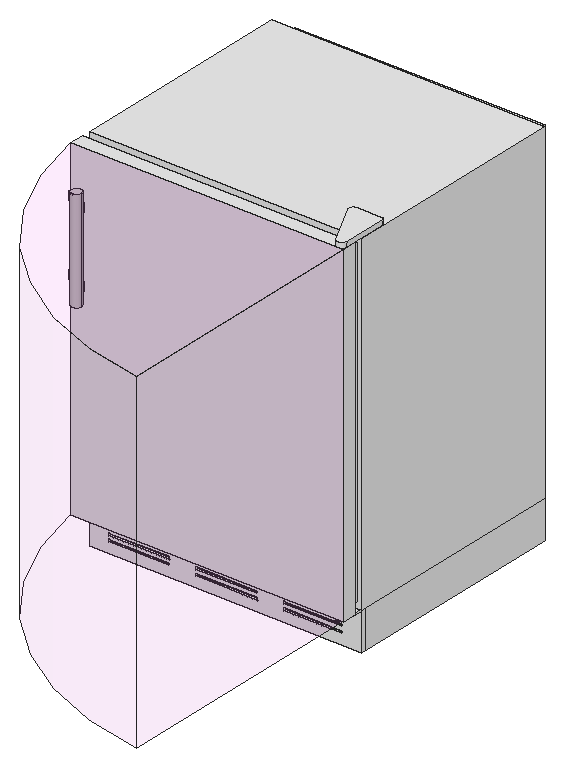
Revit family "QF_Summit_FF61W_Refrigerator", category Specialty Equipment, Revit 2020
Family settings
  Round Connector Dimension = Use Diameter
  Part Type = Normal
  Work Plane-Based = No
  Always vertical = Yes
  Cut with Voids When Loaded = No
  Shared = No
  Room Calculation Point = No
Parameters
  Weight in Pounds = 100
  Watts = Volts * FL Amps  # 92 W
  Volts = 115 V
  URL Cutsheet = ""
  Specification by User = ""
  Specification by Manufacturer = ""
  Show LHD [instance] = no
  Right Hinged Door [instance] = not(Show LHD)  # yes
  Serial Number = ""
  Seismic Rating = ""
  SMACNA No = ""
  Revision Code = ""
  Refrigerant Volume = 0.00 kip
  Refrigerant Type = "R600a"
  Phase = 1
  Number of Poles = 1
  NAFEM Spec ID Number = ""
  Model = "FF61W"
  Min Ckt Ampacity = 0 A
  Max Overcurrent Protection = 0 A
  Masterspec = ""
  Manufacturer = "Summit"
  Length = 23 5/8"
  Item Number = ""
  Installed By = ""
  Identify Quantity as Lot = yes
  Height = 32 5/8"
  HP = ""
  Furnished By = ""
  Foodservice Equipment Identifier = yes
  FL Amps = 0.8 A
  Electrical Remarks = ""
  Electric Connection Type = ""
  Elec Conn RI Height = 0"
  Elec Conn Connection Height = 0"
  Description = "Refrigerator"
  Depth = 23"
  Default Elevation = 0"
  Cycle = 60 Hz
  Conn Plug = ""
  Conn Conduit = yes
  CSI MasterFormat = ""
  BTUH = 0.0 Btu/h
  Apparent Power = if(Phase = 3, Volts * FL Amps * 1.73, Volts * FL Amps)  # 92 VA
Reference planes (in)
  plane 1 "BACK": y = 0
  plane 2: z = 0
  plane 3 "LEFT": x = 0
  plane 4 "RIGHT": x = 23.625
  plane 5 "FRONT": y = -23
  plane 6 "TOP": z = 32.625
  plane 7 "Center Y": x = 11.8125
  plane 8 "Center X": y = -11.5
  plane 9: z = 32.25
  plane 10: y = -24.625
  plane 11: y = -45.375
  plane 12: y = -1.25
  plane 13: y = -21
  plane 14: z = 0.125
  plane 15: z = 3.375
  plane 16: x = 17.625
  plane 17: y = -21.75
Forms (in)
  Extrusion 1, solid, material "QF_Metallic_Paint_White_Smooth"
    sketch origin (-4.07558, -180.6239, 0.25) x (-1, 0, 0) y (0, -1, 0)
      loop
        line (-4.07558, -179.3739) -> (-4.07558, -159.6239) -> (-27.70058, -159.6239) -> (-27.70058, -179.3739) -> (-4.07558, -179.3739)
    from 3.125 to 32
  Extrusion 2, solid, material "QF_Metallic_Paint_White_Smooth"
    sketch origin (-5.77638, -180.6239, 3.5) x (-1, 0, 0) y (0, -1, 0)
      loop
        line (-5.77638, -157.625) -> (-29.40138, -157.625) -> (-29.40138, -158.8739) -> (-5.77638, -158.8739) -> (-5.77638, -157.625)
    from -0.125 to 28.75
  Extrusion 3, solid, material "QF_Metallic_Paint_White_Smooth"
    sketch origin (23.5, -21.75, 3.5) x (-1, 0, 0) y (0, 0, 1)
      loop
        line (0.375, 0.375) -> (23, 0.375) -> (23, 28.25) -> (0.375, 28.25) -> (0.375, 0.375)
    from 0 to 0.75
  Extrusion 4, solid, material "QF_Metallic_Paint_White_Smooth", visible <- "Right Hinged Door"
    sketch origin (-7.15596, -180, 32.25) x (-1, 0, 0) y (0, -1, 0)
      loop
        arc (-30.65577, -161.3653) -> (-30.58255, -161.54208) -> (-30.40577, -161.6153) r 0.25
        line (-30.40577, -161.6153) -> (-28.29447, -161.6153)
        arc (-28.29447, -161.6153) -> (-27.93834, -161.41175) -> (-27.93297, -161.00158) r 0.41333
        line (-27.93297, -161.00158) -> (-29.8497, -157.29481)
        arc (-29.8497, -157.29481) -> (-30.33344, -157.08698) -> (-30.65577, -157.50327) r 0.42999
        line (-30.65577, -157.50327) -> (-30.65577, -161.3653)
    from 0 to 0.375
  Extrusion 5, solid, material "QF_Metal_Stainless_Polished", visible <- "Right Hinged Door"
    sketch origin (-1.6459, -180.6239, 28.57044) x (-1, 0, 0) y (0, -1, 0)
      loop
        line (-1.6459, -158.625) -> (-1.5209, -158.625) -> (-1.5209, -157.55854) -> (-2.72981, -156.74311) -> (-3.38781, -156.74311) -> (-3.38781, -156.86811) -> (-2.76803, -156.86811) -> (-1.6459, -157.625) -> (-1.6459, -158.625)
    from 0 to -0.75
  Extrusion 6, solid, material "QF_Metal_Stainless_Polished", visible <- "Right Hinged Door"
    sketch origin (-4.89398, -180.6239, 20.75) x (-1, 0, 0) y (0, -1, 0)
      loop
        circle (-6.30689, -156.43406) r 0.43516
    from 0 to 8.75
  Extrusion 7, solid, material "QF_Metal_Stainless_Polished", visible <- "Right Hinged Door"
    sketch origin (-1.6459, -180.6239, 21.67956) x (0, 1, 0) y (1, 0, 0)
      loop
        line (158.625, 1.6459) -> (157.625, 1.6459) -> (156.86811, 2.76803) -> (156.86811, 3.38781) -> (156.74311, 3.38781) -> (156.74311, 2.72981) -> (157.55854, 1.5209) -> (158.625, 1.5209) -> (158.625, 1.6459)
    from 0 to -0.75
  Extrusion 8, solid, material "QF_Metallic_Paint_White_Smooth", visible <- "Right Hinged Door"
    sketch origin (-5.77638, -180.6239, 3.375) x (0, 1, 0) y (1, 0, 0)
      loop
        line (157.91871, 28.47012) -> (159.6239, 27.58839) -> (159.6239, 29.27619) -> (158.12717, 29.27619)
        arc (158.12717, 29.27619) -> (157.71088, 28.95386) -> (157.91871, 28.47012) r 0.42999
    from 0 to 0.125
  Extrusion 9, solid, material "QF_Metallic_Paint_White_Smooth"
    sketch origin (-12.48311, -21, 48) x (-1, 0, 0) y (0, 0, 1)
      loop
        line (-12.48311, -44.625) -> (-36.10811, -44.625) -> (-36.10811, -47.875) -> (-12.48311, -47.875) -> (-12.48311, -44.625)
      loop
        line (-14.18872, -45.26011) -> (-19.43872, -45.26011) -> (-19.43872, -45.51011) -> (-14.18872, -45.51011) -> (-14.18872, -45.26011)
      loop
        line (-14.18872, -45.76011) -> (-19.43872, -45.76011) -> (-19.43872, -46.01011) -> (-14.18872, -46.01011) -> (-14.18872, -45.76011)
      loop
        line (-14.18872, -46.26011) -> (-19.43872, -46.26011) -> (-19.43872, -46.51011) -> (-14.18872, -46.51011) -> (-14.18872, -46.26011)
      loop
        line (-14.18872, -46.76011) -> (-19.43872, -46.76011) -> (-19.43872, -47.01011) -> (-14.18872, -47.01011) -> (-14.18872, -46.76011)
      loop
        line (-21.67061, -45.26011) -> (-27.08391, -45.26011) -> (-27.08391, -45.51011) -> (-21.67061, -45.51011) -> (-21.67061, -45.26011)
      loop
        line (-21.67061, -45.76011) -> (-27.08391, -45.76011) -> (-27.08391, -46.01011) -> (-21.67061, -46.01011) -> (-21.67061, -45.76011)
      loop
        line (-21.67061, -46.26011) -> (-27.08391, -46.26011) -> (-27.08391, -46.51011) -> (-21.67061, -46.51011) -> (-21.67061, -46.26011)
      loop
        line (-21.67061, -46.76011) -> (-27.08391, -46.76011) -> (-27.08391, -47.01011) -> (-21.67061, -47.01011) -> (-21.67061, -46.76011)
      loop
        line (-34.40249, -45.26011) -> (-34.40249, -45.51011) -> (-29.3158, -45.51011) -> (-29.3158, -45.26011) -> (-34.40249, -45.26011)
      loop
        line (-34.40249, -45.76011) -> (-34.40249, -46.01011) -> (-29.3158, -46.01011) -> (-29.3158, -45.76011) -> (-34.40249, -45.76011)
      loop
        line (-34.40249, -46.26011) -> (-34.40249, -46.51011) -> (-29.3158, -46.51011) -> (-29.3158, -46.26011) -> (-34.40249, -46.26011)
      loop
        line (-34.40249, -46.76011) -> (-34.40249, -47.01011) -> (-29.3158, -47.01011) -> (-29.3158, -46.76011) -> (-34.40249, -46.76011)
    from 0 to 0.25
  Extrusion 10, solid, material "QF_Metallic_Paint_White_Smooth"
    sketch origin (-12.48311, -1.6239, 48) x (-1, 0, 0) y (0, 0, 1)
      loop
        line (-12.48311, -44.625) -> (-36.10811, -44.625) -> (-36.10811, -47.875) -> (-12.48311, -47.875) -> (-12.48311, -44.625)
    from -19.1261 to 0.3739
  Extrusion 11, solid, material "QF_Metallic_Paint_Black_Smooth"
    sketch origin (0, -0.6239, 0) x (1, 0, 0) y (0, 1, 0)
      loop
        circle (3.1104, -18.5) r 0.5
      loop
        circle (3.1104, -2.75) r 0.5
      loop
        circle (20.67791, -18.5) r 0.5
      loop
        circle (20.67791, -2.75) r 0.5
    from 0 to 0.125
  Extrusion 12, solid, material "QF_Metal_Stainless_Polished"
    sketch origin (0.16331, -1.25, 0.25) x (1, 0, 0) y (0, 0, -1)
      loop
        circle (17.46169, -0.84684) r 0.25
    from 0 to 0.25
  Extrusion 13, solid, material "QF_Metallic_Paint_White_Smooth"
    sketch origin (0, -1.3739, 17.75) x (0, -1, 0) y (1, 0, 0)
      loop
        line (-1.3739, 1) -> (-0.1239, 1) -> (-0.1239, 22.625) -> (-1.3739, 22.625) -> (-1.3739, 1)
    from -13.875 to 13.75
  Extrusion 14, solid, material "QF_Clearances_Door_Drawer", visible <- "Right Hinged Door"
    sketch origin (-5.77638, -180.6239, 3.375) x (0, -1, 0) y (-1, 0, 0)
      loop
        line (-157.625, -29.40138) -> (-135.2489, -29.40138)
        arc (-135.2489, -29.40138) -> (-142.44195, -13.80507) -> (-157.625, -5.77638) r 26.80476
        line (-157.625, -5.77638) -> (-157.625, -29.40138)
    from 0 to -28.875
  Extrusion 15, solid, material "QF_Metallic_Paint_White_Smooth", visible <- "Show LHD"
    sketch origin (30.78096, -180, 32.25) x (1, 0, 0) y (0, 1, 0)
      loop
        line (-30.65577, 161.3653) -> (-30.65577, 157.50327)
        arc (-30.65577, 157.50327) -> (-30.33344, 157.08698) -> (-29.8497, 157.29481) r 0.42999
        line (-29.8497, 157.29481) -> (-27.93297, 161.00158)
        arc (-27.93297, 161.00158) -> (-27.93834, 161.41175) -> (-28.29447, 161.6153) r 0.41333
        line (-28.29447, 161.6153) -> (-30.40577, 161.6153)
        arc (-30.40577, 161.6153) -> (-30.58255, 161.54208) -> (-30.65577, 161.3653) r 0.25
    from 0 to 0.375
  Extrusion 16, solid, material "QF_Metal_Stainless_Polished", visible <- "Show LHD"
    sketch origin (25.2709, -180.6239, 28.57044) x (1, 0, 0) y (0, 1, 0)
      loop
        line (-1.6459, 158.625) -> (-1.6459, 157.625) -> (-2.76803, 156.86811) -> (-3.38781, 156.86811) -> (-3.38781, 156.74311) -> (-2.72981, 156.74311) -> (-1.5209, 157.55854) -> (-1.5209, 158.625) -> (-1.6459, 158.625)
    from 0 to -0.75
  Extrusion 17, solid, material "QF_Metal_Stainless_Polished", visible <- "Show LHD"
    sketch origin (28.51898, -180.6239, 20.75) x (1, 0, 0) y (0, 1, 0)
      loop
        circle (-6.30689, 156.43406) r 0.43516
    from 0 to 8.75
  Extrusion 18, solid, material "QF_Metal_Stainless_Polished", visible <- "Show LHD"
    sketch origin (25.2709, -180.6239, 21.67956) x (0, -1, 0) y (-1, 0, 0)
      loop
        line (-158.625, 1.6459) -> (-158.625, 1.5209) -> (-157.55854, 1.5209) -> (-156.74311, 2.72981) -> (-156.74311, 3.38781) -> (-156.86811, 3.38781) -> (-156.86811, 2.76803) -> (-157.625, 1.6459) -> (-158.625, 1.6459)
    from 0 to -0.75
  Extrusion 19, solid, material "QF_Metallic_Paint_White_Smooth", visible <- "Show LHD"
    sketch origin (29.40138, -180.6239, 3.375) x (0, -1, 0) y (-1, 0, 0)
      loop
        arc (-157.91871, 28.47012) -> (-157.71088, 28.95386) -> (-158.12717, 29.27619) r 0.42999
        line (-158.12717, 29.27619) -> (-159.6239, 29.27619) -> (-159.6239, 27.58839) -> (-157.91871, 28.47012)
    from 0 to 0.125
  Extrusion 20, solid, material "QF_Clearances_Door_Drawer", visible <- "Show LHD"
    sketch origin (29.40138, -180.6239, 3.375) x (0, 1, 0) y (1, 0, 0)
      loop
        line (157.625, -29.40138) -> (157.625, -5.77638)
        arc (157.625, -5.77638) -> (142.44195, -13.80507) -> (135.2489, -29.40138) r 26.80476
        line (135.2489, -29.40138) -> (157.625, -29.40138)
    from 0 to -28.875
Lines and regions (in)
  symbolic lines
    curve 1: line (0, -1.25, 0) -> (23.625, -1.25, 0)
    curve 2: line (0, -21, 0) -> (0, -1.25, 0)
    curve 3: line (23.625, -21, 0) -> (23.49982, -21, 0)
    curve 4: line (23.625, -1.25, 0) -> (23.625, -21, 0)
    curve 5: line (21.81201, -21, 0) -> (1.81299, -21, 0)
    curve 6: line (23.625, -22.9989, 0) -> (0, -22.9989, 0)
    curve 7: line (0, -21.75, 0) -> (0, -22.9989, 0)
    curve 8: line (23.625, -21.75, 0) -> (23.49982, -21.75, 0)
    curve 9: line (23.625, -22.9989, 0) -> (23.625, -21.75, 0)
    curve 10: line (22.19982, -21.75, 0) -> (1.42518, -21.75, 0)
    curve 22: line (1, -1.25, 0) -> (1, 0, 0)
    curve 23: line (22.625, 0, 0) -> (22.625, -1.25, 0)
    curve 32: line (22.625, 0, 0) -> (1, 0, 0)
    curve 54: line (0.12518, -21, 0) -> (0, -21, 0)
    curve 56: line (0.12518, -21.75, 0) -> (0, -21.75, 0)
  symbolic lines, visible <- "Right Hinged Door"
    curve 11: line (-0.125, -21.9989, 0) -> (-0.125, -23.06536, 0)
    curve 12: line (-0.125, -23.06536, 0) -> (1.08391, -23.88078, 0)
    curve 13: arc (0.97776, -24.18984, 0) -> (1.41291, -24.625, 0) -> (1.84807, -24.18984, 0) r 0.43516
    curve 14: line (1.74192, -23.75578, 0) -> (1.12213, -23.75578, 0)
    curve 15: line (1.12213, -23.75578, 0) -> (0, -22.9989, 0)
    curve 16: line (1.74192, -23.88078, 0) -> (1.74192, -23.75578, 0)
    curve 17: arc (1.84807, -24.18984, 0) -> (1.73137, -23.89328, 0) -> (1.44385, -23.75578, 0) r 0.43516
    curve 18: line (1.08391, -23.88078, 0) -> (1.10657, -23.88078, 0)
    curve 19: line (1.71926, -23.88078, 0) -> (1.74192, -23.88078, 0)
    curve 20: arc (1.38198, -23.75578, 0) -> (1.09446, -23.89328, 0) -> (0.97776, -24.18984, 0) r 0.43516
    curve 21: line (0.5, -21.75, 0) -> (0.5, -21, 0)
    curve 25: line (-0.125, -21.9989, 0) -> (0, -21.9989, 0)
    curve 26: line (23.24982, -18.3847, 0) -> (21.13852, -18.3847, 0)
    curve 27: arc (21.13852, -18.3847, 0) -> (20.78238, -18.58825, 0) -> (20.77701, -18.99842, 0) r 0.41333
    curve 28: line (20.77701, -18.99842, 0) -> (22.69374, -22.70519, 0)
    curve 29: arc (22.69374, -22.70519, 0) -> (23.17748, -22.91302, 0) -> (23.49982, -22.49673, 0) r 0.42999
    curve 30: line (23.49982, -22.49673, 0) -> (23.49982, -18.6347, 0)
    curve 31: arc (23.49982, -18.6347, 0) -> (23.42659, -18.45792, 0) -> (23.24982, -18.3847, 0) r 0.25
    curve 53: line (1.81299, -21, 0) -> (0.12518, -21, 0)
    curve 55: line (1.42518, -21.75, 0) -> (0.12518, -21.75, 0)
  symbolic lines, style "QF_Clearances_Door_Drawer", visible <- "Right Hinged Door"
    curve 24: line (23.625, -22.9989, 0) -> (4.47566, -34.05477, 0)
    curve 33: arc (4.47566, -34.05477, 0) -> (1.61508, -28.77894, 0) -> (0, -22.9989, 0) r 26.80476
  symbolic lines, style "QF_Clearances_Door_Drawer", visible <- "Show LHD"
    curve 34: line (0, -22.9989, 0) -> (19.14934, -34.05477, 0)
    curve 35: arc (19.14934, -34.05477, 0) -> (22.00992, -28.77894, 0) -> (23.625, -22.9989, 0) r 26.80476
  symbolic lines, visible <- "Show LHD"
    curve 36: line (23.75, -21.9989, 0) -> (23.75, -23.06536, 0)
    curve 37: line (23.75, -23.06536, 0) -> (22.54109, -23.88078, 0)
    curve 38: arc (22.64724, -24.18984, 0) -> (22.21209, -24.625, 0) -> (21.77693, -24.18984, 0) r 0.43516
    curve 39: line (21.88308, -23.75578, 0) -> (22.50287, -23.75578, 0)
    curve 40: line (22.50287, -23.75578, 0) -> (23.625, -22.9989, 0)
    curve 41: line (21.88308, -23.88078, 0) -> (21.88308, -23.75578, 0)
    curve 42: arc (21.77693, -24.18984, 0) -> (21.89363, -23.89328, 0) -> (22.18115, -23.75578, 0) r 0.43516
    curve 43: arc (22.24302, -23.75578, 0) -> (22.53054, -23.89328, 0) -> (22.64724, -24.18984, 0) r 0.43516
    curve 44: line (23.75, -21.9989, 0) -> (23.625, -21.9989, 0)
    curve 45: line (0.37518, -18.3847, 0) -> (2.48648, -18.3847, 0)
    curve 46: arc (2.48648, -18.3847, 0) -> (2.84262, -18.58825, 0) -> (2.84799, -18.99842, 0) r 0.41333
    curve 47: line (2.84799, -18.99842, 0) -> (0.93126, -22.70519, 0)
    curve 48: arc (0.93126, -22.70519, 0) -> (0.44752, -22.91302, 0) -> (0.12518, -22.49673, 0) r 0.42999
    curve 49: line (0.12518, -22.49673, 0) -> (0.12518, -18.6347, 0)
    curve 50: arc (0.12518, -18.6347, 0) -> (0.19841, -18.45792, 0) -> (0.37518, -18.3847, 0) r 0.25
    curve 51: line (22.54109, -23.88078, 0) -> (22.51843, -23.88078, 0)
    curve 57: line (23.125, -21.75, 0) -> (23.125, -21, 0)
    curve 58: line (21.81201, -21, 0) -> (23.49982, -21, 0)
    curve 59: line (22.19982, -21.75, 0) -> (23.49982, -21.75, 0)
  symbolic lines, not visible
    curve 52: line (21.90574, -23.88078, 0) -> (21.88308, -23.88078, 0)
Dimensions and locks (in)
  equal spacing: plane 3 "LEFT", plane 7 "Center Y", plane 4 "RIGHT"
  "Length": plane 3 "LEFT" to plane 4 "RIGHT"
  equal spacing: plane 5 "FRONT", plane 8 "Center X", plane 1 "BACK"
  "Depth": plane 5 "FRONT" to plane 1 "BACK"
  "Height": plane 6 "TOP" to level
  plane 4 "RIGHT" to plane 3 "LEFT" = 23 5/8"
  locked: plane 6 "TOP" to plane 9 at 0.375
  locked: plane 10 to plane 5 "FRONT" at 1.625
  plane 1 "BACK" to plane 12 = 1 1/4"
  plane 12 to plane 13 = 19 3/4"
  plane 14 to plane 2 = 1/8"
  plane 9 to plane 14 = 32 1/8"
  locked: plane 15 to plane 14 at 3.25
  plane 9 to plane 2 = 32 1/4"
  plane 11 to plane 1 "BACK" = 45 3/8"
  plane 16 to plane 4 "RIGHT" = 6"
  aligned and locked: level to plane 2
Automatic sketch dimensions
  Extrusion 1 sketch curve to plane 4 "RIGHT" = 0"
  Extrusion 1 sketch curve to plane 3 "LEFT" = 0"
  Extrusion 1 sketch curve to plane 12 = 0"
  Extrusion 1 sketch curve to plane 13 = 0"
  Extrusion 2 sketch curve to plane 4 "RIGHT" = 0"
  Extrusion 2 sketch curve to plane 3 "LEFT" = 0"
  Extrusion 2 sketch curve to plane 17 = 0"
  Extrusion 2 sketch curve to plane 5 "FRONT" = 0.0011"
  Extrusion 2 to Extrusion 3 sketch curve = 1/2"  (x3)
  Extrusion 3 sketch curve to Extrusion 2 = 1/2"
  plane 4 "RIGHT" to Extrusion 4 sketch curve = 0.12518"
  Extrusion 4 sketch curve to Extrusion 4 sketch curve = 1/4"
  Extrusion 4 sketch curve to Extrusion 4 sketch curve = 0.42999"
  Extrusion 4 sketch curve to plane 5 "FRONT" = 0.29481"
  Extrusion 4 sketch curve to Extrusion 4 sketch curve = 0.37608"
  Extrusion 4 sketch curve to Extrusion 4 sketch curve = 2.1113"
  plane 13 to Extrusion 4 sketch curve = 2.00158"
  Extrusion 4 sketch curve to Extrusion 4 sketch curve = 0.36151"
  Extrusion 4 sketch curve to Extrusion 4 sketch curve = 0.20039"
  Extrusion 5 sketch curve to plane 3 "LEFT" = 0"
  plane 3 "LEFT" to Extrusion 5 sketch curve = 1.08391"
  Extrusion 5 sketch curve to Extrusion 5 sketch curve = 0.03822"
  Extrusion 5 sketch curve to Extrusion 5 sketch curve = 0.61979"
  Extrusion 5 sketch curve to plane 3 "LEFT" = 1/8"
  Extrusion 5 sketch curve to plane 17 = 0.2489"
  Extrusion 5 sketch curve to plane 5 "FRONT" = 0.0011"
  plane 5 "FRONT" to Extrusion 5 sketch curve = 0.06536"
  plane 5 "FRONT" to Extrusion 5 sketch curve = 0.75578"
  Extrusion 5 sketch curve to Extrusion 5 sketch curve = 1/8"
  plane 10 to Extrusion 6 sketch curve = 0.43516"
  plane 3 "LEFT" to Extrusion 6 sketch curve = 1.41291"
  Extrusion 7 sketch curve to plane 3 "LEFT" = 0"
  plane 10 to Extrusion 7 sketch curve = 0.74422"
  Extrusion 7 sketch curve to Extrusion 7 sketch curve = 1/8"
  plane 5 "FRONT" to Extrusion 7 sketch curve = 0.06536"
  Extrusion 7 sketch curve to plane 5 "FRONT" = 0.0011"
  Extrusion 7 sketch curve to plane 17 = 0.2489"
  plane 3 "LEFT" to Extrusion 7 sketch curve = 1.08391"
  Extrusion 7 sketch curve to Extrusion 7 sketch curve = 0.03822"
  Extrusion 7 sketch curve to Extrusion 7 sketch curve = 0.61979"
  Extrusion 7 sketch curve to plane 3 "LEFT" = 1/8"
  Extrusion 8 sketch curve to plane 13 = 0"
  Extrusion 8 sketch curve to plane 5 "FRONT" = 0.50327"
  Extrusion 8 sketch curve to plane 5 "FRONT" = 0.29481"
  plane 4 "RIGHT" to Extrusion 8 sketch curve = 0.12518"
  Extrusion 8 sketch curve to Extrusion 8 sketch curve = 0.42999"
  Extrusion 8 sketch curve to Extrusion 8 sketch curve = 1.68781"
  plane 4 "RIGHT" to Extrusion 9 sketch curve = 0"
  Extrusion 9 sketch curve to plane 3 "LEFT" = 0"
  Extrusion 9 sketch curve to plane 14 = 0"
  Extrusion 9 sketch curve to plane 15 = 0"
  plane 4 "RIGHT" to Extrusion 9 sketch curve = 1.70562"
  Extrusion 9 sketch curve to Extrusion 9 sketch curve = 0"  (x18)
  plane 16 to Extrusion 9 sketch curve = 0.79231"
  plane 14 to Extrusion 9 sketch curve = 0.86489"  (x2)
  Extrusion 9 sketch curve to Extrusion 9 sketch curve = 2.23188"  (x2)
  Extrusion 9 sketch curve to plane 15 = 1.13511"
  Extrusion 9 sketch curve to plane 7 "Center Y" = 2 5/8"
  plane 14 to Extrusion 9 sketch curve = 1.11489"
  plane 3 "LEFT" to Extrusion 9 sketch curve = 1.70562"
  Extrusion 9 sketch curve to Extrusion 9 sketch curve = 1/4"  (x20)
  plane 4 "RIGHT" to Extrusion 10 sketch curve = 0"
  Extrusion 10 sketch curve to plane 3 "LEFT" = 0"
  Extrusion 10 sketch curve to plane 14 = 0"
  Extrusion 10 sketch curve to plane 15 = 0"
  plane 3 "LEFT" to Extrusion 11 sketch curve = 3.1104"  (x2)
  plane 4 "RIGHT" to Extrusion 11 sketch curve = 2.94709"  (x2)
  plane 13 to Extrusion 11 sketch curve = 1.8761"  (x2)
  Extrusion 11 sketch curve to plane 12 = 2.1239"  (x2)
  Extrusion 12 sketch curve to Extrusion 1 = 2.27816"
  Extrusion 12 sketch curve to Extrusion 1 = 6"
  plane 1 "BACK" to Extrusion 13 sketch curve = 0"
  Extrusion 13 sketch curve to plane 12 = 0"
  plane 3 "LEFT" to Extrusion 13 sketch curve = 1"
  plane 4 "RIGHT" to Extrusion 13 sketch curve = 1"
  Extrusion 14 sketch curve to Extrusion 2 = 0"  (x3)
  Extrusion 14 sketch curve to Extrusion 2 = 3.02929"
  Extrusion 14 sketch curve to Extrusion 14 sketch curve = 22.3761"
  plane 3 "LEFT" to Extrusion 15 sketch curve = 0.12518"
  Extrusion 15 sketch curve to Extrusion 15 sketch curve = 1/4"
  Extrusion 15 sketch curve to Extrusion 15 sketch curve = 0.42999"
  Extrusion 15 sketch curve to plane 5 "FRONT" = 0.29481"
  Extrusion 15 sketch curve to Extrusion 15 sketch curve = 0.37608"
  Extrusion 15 sketch curve to Extrusion 15 sketch curve = 2.1113"
  plane 13 to Extrusion 15 sketch curve = 2.00158"
  Extrusion 15 sketch curve to Extrusion 15 sketch curve = 0.36151"
  Extrusion 15 sketch curve to Extrusion 15 sketch curve = 0.20039"
  Extrusion 16 sketch curve to plane 4 "RIGHT" = 0"
  plane 4 "RIGHT" to Extrusion 16 sketch curve = 1.08391"
  Extrusion 16 sketch curve to Extrusion 16 sketch curve = 0.03822"
  Extrusion 16 sketch curve to Extrusion 16 sketch curve = 0.61979"
  Extrusion 16 sketch curve to plane 4 "RIGHT" = 1/8"
  plane 10 to Extrusion 16 sketch curve = 0.74422"
  Extrusion 16 sketch curve to Extrusion 16 sketch curve = 1/8"
  plane 5 "FRONT" to Extrusion 16 sketch curve = 0.06536"
  Extrusion 16 sketch curve to plane 5 "FRONT" = 0.0011"
  Extrusion 16 sketch curve to plane 17 = 0.2489"
  plane 10 to Extrusion 17 sketch curve = 0.43516"
  plane 4 "RIGHT" to Extrusion 17 sketch curve = 1.41291"
  Extrusion 18 sketch curve to plane 4 "RIGHT" = 0"
  Extrusion 18 sketch curve to plane 17 = 0.2489"
  Extrusion 18 sketch curve to plane 5 "FRONT" = 0.0011"
  plane 5 "FRONT" to Extrusion 18 sketch curve = 0.06536"
  plane 5 "FRONT" to Extrusion 18 sketch curve = 0.75578"
  Extrusion 18 sketch curve to Extrusion 18 sketch curve = 1/8"
  plane 4 "RIGHT" to Extrusion 18 sketch curve = 1.08391"
  Extrusion 18 sketch curve to Extrusion 18 sketch curve = 0.03822"
  Extrusion 18 sketch curve to Extrusion 18 sketch curve = 0.61979"
  Extrusion 18 sketch curve to plane 4 "RIGHT" = 1/8"
  Extrusion 19 sketch curve to plane 13 = 0"
  plane 3 "LEFT" to Extrusion 19 sketch curve = 0.12518"
  Extrusion 19 sketch curve to plane 5 "FRONT" = 0.50327"
  Extrusion 19 sketch curve to plane 5 "FRONT" = 0.29481"
  Extrusion 19 sketch curve to Extrusion 19 sketch curve = 0.42999"
  Extrusion 19 sketch curve to Extrusion 19 sketch curve = 1.68781"
  Extrusion 20 sketch curve to Extrusion 2 = 0"  (x3)
  Extrusion 20 sketch curve to Extrusion 20 sketch curve = 22.3761"
  Extrusion 20 sketch curve to Extrusion 2 = 2.83614"
  curve 13 to curve 17 = 0"  (x2)
  curve 13 to curve 20 = 0"  (x2)
  curve 17 to curve 20 = 0"  (x2)
  curve 38 to curve 42 = 0"  (x2)
  curve 38 to curve 43 = 0"  (x2)
  curve 42 to curve 43 = 0"  (x2)
  curve 54 to plane 3 "LEFT" = 0"
  curve 25 to plane 3 "LEFT" = 0"
  curve 55 to plane 17 = 0"
  curve 54 to plane 13 = 0"
  curve 53 to plane 13 = 0"
  curve 56 to plane 17 = 0"
  plane 1 "BACK" to curve 32 = 0"
  curve 22 to plane 12 = 0"
  curve 10 to plane 17 = 0"
  curve 5 to plane 13 = 0"
  curve 58 to plane 13 = 0"
  curve 59 to plane 17 = 0"
  curve 3 to plane 13 = 0"
  curve 8 to plane 17 = 0"
  curve 1 to plane 4 "RIGHT" = 0"
  curve 40 to plane 4 "RIGHT" = 0"
  curve 12 to plane 3 "LEFT" = 1/8"
  curve 35 to plane 3 "LEFT" = 2.83614"
  curve 7 to curve 55 = 0.12518"
  curve 49 to curve 45 = 1/4"
  curve 49 to curve 48 = 0.42999"
  curve 47 to plane 5 "FRONT" = 0.29481"
  curve 48 to curve 47 = 0.37608"
  plane 3 "LEFT" to curve 32 = 1"
  plane 10 to curve 12 = 0.74422"
  plane 3 "LEFT" to curve 12 = 1.08391"
  curve 12 to curve 14 = 0.03822"
  curve 12 to curve 13 = 0.329"
  curve 48 to curve 10 = 0.49392"
  curve 13 to curve 19 = 0.329"
  curve 50 to curve 46 = 2.1113"
  plane 13 to curve 47 = 2.00158"
  plane 3 "LEFT" to curve 24 = 4.47566"
  curve 34 to plane 16 = 1.52434"
  plane 4 "RIGHT" to curve 28 = 2.84799"
  curve 27 to curve 27 = 0.36151"
  plane 5 "FRONT" to curve 39 = 0.75578"
  plane 4 "RIGHT" to curve 39 = 1.74192"
  curve 41 to curve 43 = 0.329"
  curve 38 to curve 39 = 0.29079"
  curve 39 to curve 51 = 0.01556"
  curve 51 to curve 51 = 0.02266"
  plane 4 "RIGHT" to curve 23 = 1"
  curve 28 to plane 5 "FRONT" = 0.29481"
  plane 4 "RIGHT" to curve 28 = 0.93126"
  curve 29 to curve 29 = 0.37608"
  plane 4 "RIGHT" to curve 26 = 0.37518"
  plane 4 "RIGHT" to curve 30 = 0.12518"
  curve 36 to plane 4 "RIGHT" = 1/8"
  curve 33 to plane 4 "RIGHT" = 2.83614"
  curve 51 to curve 39 = 1/8"
  curve 43 to curve 51 = 0.30906"
  plane 10 to curve 20 = 0.43516"
  curve 34 to plane 10 = 9.42977"
  curve 24 to plane 10 = 9.42977"
  curve 41 to curve 39 = 1/8"
  curve 13 to curve 16 = 0.30906"
  curve 18 to curve 14 = 1/8"
  plane 5 "FRONT" to curve 37 = 0.06536"
  plane 5 "FRONT" to curve 12 = 0.06536"
  curve 7 to plane 5 "FRONT" = 0.0011"
  curve 44 to plane 17 = 0.2489"
  curve 25 to plane 17 = 0.2489"
  plane 13 to curve 28 = 2.00158"
  curve 27 to curve 27 = 0.20039"
  curve 47 to curve 46 = 0.20039"
  curve 53 to curve 21 = 0.37482"
  curve 20 to curve 12 = 0.10616"
  curve 57 to curve 3 = 0.37482"
  radius of Extrusion 6 sketch curve = 0.43516"
  radius of Extrusion 11 sketch curve = 1/2"  (x4)
  radius of Extrusion 12 sketch curve = 1/4"
  radius of Extrusion 17 sketch curve = 0.43516"
Connectors (in)
  electrical at (17.625, -1, 1.09684), driven by "Volts", driven by "Watts"
    settings: on Extrusion 12, index 4, voltage 115 V, apparent load 92 VA, apparent load phase1 0 VA, apparent load phase2 0 VA, apparent load phase3 0 VA, power factor 1, load classification "Other", number of poles 1, system type 30, power factor state 1, is connector primary yes, connector utility no, sub classification motor no, connector description ""
